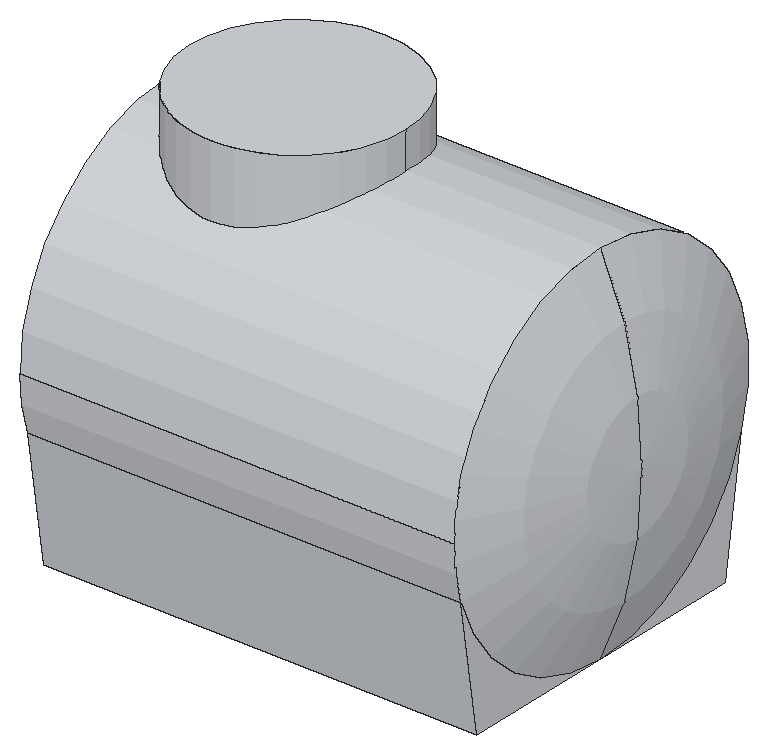
Revit family "Резервуар сбора осветленной воды", category Оборудование, Revit 2020
Family settings
  Размер круглого соединителя = Использовать диаметр
  Классификация = Нет
  Тип детали = Нормальный
  На основе рабочей плоскости = Нет
  Всегда вертикально = Нет
  При загрузке вырезать с полостями = Нет
  Общий = Нет
  Точка расчета площади = Нет
Parameters
  Правое исполнение [instance] = yes
  Отметка по умолчанию = 0 mm
  Материал фильтроэлемента = Сталь 08X18H10T (AISI 321) Красная
  Материал аппарата = Сталь 08X18H10T (AISI 321) Синяя
  Левое исполнение [instance] = yes
  Изготовитель = "ООО \"НПК \"Акватроник\""
  ADSK_Примечание [instance] = ""
  ADSK_Позиция [instance] = "11"
  ADSK_Наименование = "Резервуар сбора осветленной воды"
  ADSK_Масса_Текст [instance] = "860"
  ADSK_Завод-изготовитель [instance] = "ООО \"НПК \"Акватроник\""
  ADSK_Единица измерения = "шт."
Reference planes
  plane 1 "По центру (Вперед/Назад)": y = 0
  plane 2: z = 250
  plane 3 "По центру (Влево/Вправо)": x = -117.856
  plane 4: z = 1700
  plane 5 "1б": y = 0
Forms (mm)
  Extrusion 1, solid
    sketch origin (-1117.856, 0, 850) x (0, 1, 0) y (0, 0, 1)
      loop
        circle (0, 250) r 850
    from 0 to 2000
  Revolve 2, solid
    sketch origin (-1000, 0, 850) x (1, 0, 0) y (0, 0, 1)
      loop
        line (-117.856, 250) -> (-117.856, 1100)
        arc (-117.856, 1100) -> (-263.76, 686.504) -> (-305.356, 250) r 1800
        line (-305.356, 250) -> (-117.856, 250)
      axis (-305.356, 250) -> (-117.856, 250)
    angle from 0 to 360
  Revolve 3, solid
    sketch origin (764.287, 0, 850) x (-1, 0, 0) y (0, 0, 1)
      loop
        line (-117.856, 250) -> (-117.856, 1100)
        arc (-117.856, 1100) -> (-263.76, 686.504) -> (-305.356, 250) r 1800
        line (-305.356, 250) -> (-117.856, 250)
      axis (-305.356, 250) -> (-117.856, 250)
    angle from 0 to 360
  Extrusion 4, solid
    sketch origin (-1117.856, 0, 0) x (0, 1, 0) y (0, 0, 1)
      loop
        line (-808.398, 837.336) -> (-715.373, 250) -> (0, 250)
        arc (0, 250) -> (-499.617, 412.336) -> (-808.398, 837.336) r 850
    from 0 to 2000
  Extrusion 5, solid
    sketch origin (-1117.856, 0, 0) x (0, -1, 0) y (0, 0, -1)
      loop
        arc (-808.398, -837.336) -> (-499.617, -412.336) -> (0, -250) r 850
        line (0, -250) -> (-715.373, -250) -> (-808.398, -837.336)
    from 0 to 2000
  Extrusion 6, solid
    sketch origin (-400, 0, 1750) x (1, 0, 0) y (0, 1, 0)
      loop
        circle (-117.856, 0) r 500
    from 0 to 370
Cuts and joins
  joined: Extrusion 1, Revolve 2, Revolve 3, Extrusion 4, Extrusion 5, Extrusion 6
Dimensions and locks
  plane 4 to plane 2 = 1450 mm
  plane 4 to level = 1450 mm
  aligned and locked: level to plane 2
